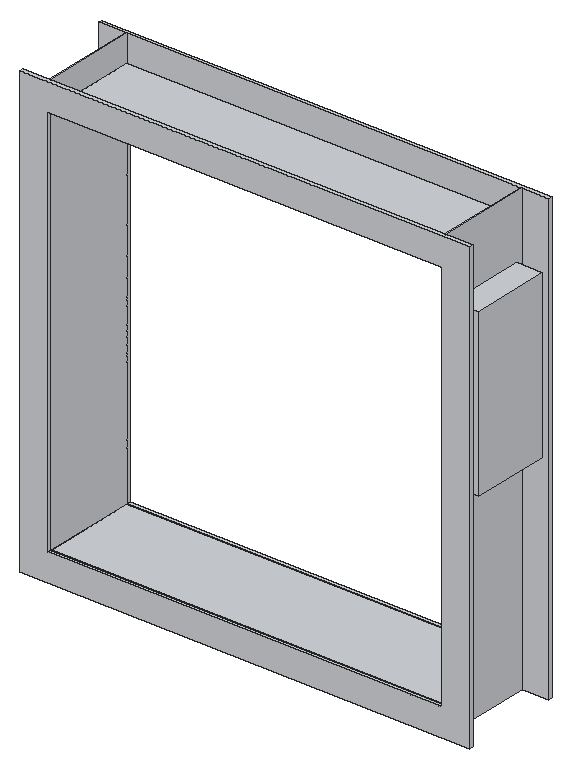
Revit family "MADEL_DAMPER_AIR VOLUME CONTROL_SQR_tarifa", category Accesorios de conductos, Revit 2015
Parameters (values of type "SQR-EH 500x500")
  n_factor = 28.867  # constant formula
  m_factor = 2.16  # constant formula
  c_factor = -6.9395  # constant formula
  b_factor = -0.69  # constant formula
  Vmin = 1.0 m/s  # constant formula
  Vmed = (Vmax + Vmin) / 2  # 4.0 m/s
  Vmax = 7.0 m/s  # constant formula
  V_MO.2 [instance] = if(and(MA, Nº Options = 1), 1 = 1, 1 = 0)  # no
  V_MO.1 [instance] = if(and(MA, Nº Options = 1), 1 = 0, 1 = 1)  # yes
  V[m/s] [instance] = Q / Afree / 1.0 m/s  # 4
  URL = "http://www.madel.com/en/producto/sqr-air-volume-dampers-for-rectangular-ducts-2/"
  Revit Version = "Revit 2015 - English"  # constant formula
  Review Date = "11/2016"  # constant formula
  Q min = Vmin * Afree  # 891.225 m³/h
  Q max = Vmax * Afree  # 6238.58 m³/h
  Q [instance] = 3564.9 m³/h
  Product Type [instance] = Modelo  # "SQR-EH 500x500"
  Product Size = "500x500"
  Product Reference [instance] = if(not(H > L), if(and(MA, Nº Options = 1), "SQR-EH-MA", if(and(MO24V, H < 401.0 mm, L < 2001.0 mm, [5N], Nº Options = 2), "SQR-EH-MO24V-5N", if(and(MO24V, H = 500.0 mm, L < 1401.0 mm, [5N], Nº Options = 2), "SQR-EH-MO24V-5N", if(and(MO24V, H = 600.0 mm, L < 1201.0 mm, [5N], Nº Options = 2), "SQR-EH-MO24V-5N", if(and(MO24V, H = 700.0 mm, L < 1201.0 mm, [5N], Nº Options = 2), "SQR-EH-MO24V-5N", if(and(MO24V, H = 800.0 mm, L < 901.0 mm, [5N], Nº Options = 2), "SQR-EH-MO24V-5N", if(and(MO24V, H = 500.0 mm, L > 1401.0 mm, L < 2001.0 mm, [10N], Nº Options = 2), "SQR-EH-MO24V-10N", if(and(MO24V, H = 600.0 mm, L > 1201.0 mm, L < 2001.0 mm, [10N], Nº Options = 2), "SQR-EH-MO24V-10N", if(and(MO24V, H = 700.0 mm, L > 1201.0 mm, L < 2001.0 mm, [10N], Nº Options = 2), "SQR-EH-MO24V-10N", if(and(MO24V, H = 800.0 mm, L > 899.0 mm, L < 1601.0 mm, [10N], Nº Options = 2), "SQR-EH-MO24V-10N", if(and(MO24V, H = 900.0 mm, L > 799.0 mm, L < 1401.0 mm, [10N], Nº Options = 2), "SQR-EH-MO24V-10N", if(and(MO24V, H = 1000.0 mm, L > 901.0 mm, L < 1401.0 mm, [10N], Nº Options = 2), "SQR-EH-MO24V-10N", if(and(MO24V, H = 800.0 mm, L > 1601.0 mm, L < 2001.0 mm, [15N], Nº Options = 2), "SQR-EH-MO24V-15N", if(and(MO24V, H = 900.0 mm, L > 1401.0 mm, L < 2001.0 mm, [15N], Nº Options = 2), "SQR-EH-MO24V-15N", if(and(MO24V, H = 1000.0 mm, L > 1401.0 mm, L < 2001.0 mm, [15N], Nº Options = 2), "SQR-EH-MO24V-15N", if(and(MO230V, H < 401.0 mm, L < 2001.0 mm, [5N], Nº Options = 2), "SQR-EH-MO230V-5N", if(and(MO230V, H = 500.0 mm, L < 1401.0 mm, [5N], Nº Options = 2), "SQR-EH-MO230V-5N", if(and(MO230V, H = 600.0 mm, L < 1201.0 mm, [5N], Nº Options = 2), "SQR-EH-MO230V-5N", if(and(MO230V, H = 700.0 mm, L < 1201.0 mm, [5N], Nº Options = 2), "SQR-EH-MO230V-5N", if(and(MO230V, H = 800.0 mm, L < 901.0 mm, [5N], Nº Options = 2), "SQR-EH-MO230V-5N", if(and(MO230V, H = 500.0 mm, L > 1401.0 mm, L < 2001.0 mm, [10N], Nº Options = 2), "SQR-EH-MO230V-10N", if(and(MO230V, H = 600.0 mm, L > 1201.0 mm, L < 2001.0 mm, [10N], Nº Options = 2), "SQR-EH-MO230V-10N", if(and(MO230V, H = 700.0 mm, L > 1201.0 mm, L < 2001.0 mm, [10N], Nº Options = 2), "SQR-EH-MO230V-10N", if(and(MO230V, H = 800.0 mm, L > 899.0 mm, L < 1601.0 mm, [10N], Nº Options = 2), "SQR-EH-MO230V-10N", if(and(MO230V, H = 900.0 mm, L > 799.0 mm, L < 1401.0 mm, [10N], Nº Options = 2), "SQR-EH-MO230V-10N", if(and(MO230V, H = 1000.0 mm, L > 901.0 mm, L < 1401.0 mm, [10N], Nº Options = 2), "SQR-EH-MO230V-10N", if(and(MO230V, H = 800.0 mm, L > 1601.0 mm, L < 2001.0 mm, [15N], Nº Options = 2), "SQR-EH-MO230V-15N", if(and(MO230V, H = 900.0 mm, L > 1401.0 mm, L < 2001.0 mm, [15N], Nº Options = 2), "SQR-EH-MO230V-15N", if(and(MO230V, H = 1000.0 mm, L > 1401.0 mm, L < 2001.0 mm, [15N], Nº Options = 2), "SQR-EH-MO230V-15N", if(Nº Options = 0, "Seleccionar accesorio", "Consult Manufacturer")))))))))))))))))))))))))))))), if(and(MA, Nº Options = 1), "SQR-EV-MA", if(and(MO24V, H < 901.0 mm, L < 801.0 mm, [5N], Nº Options = 2), "SQR-EV-MO24V-5N", if(and(MO24V, H > 901.0 mm, H < 1201.0 mm, L < 701.0 mm, [5N], Nº Options = 2), "SQR-EV-MO24V-5N", if(and(MO24V, H > 999.0 mm, H < 1201.0 mm, L > 799.0 mm, L < 1001.0 mm, [10N], Nº Options = 2), "SQR-EV-MO24V-10N", if(and(MO230V, H < 901.0 mm, L < 801.0 mm, [5N], Nº Options = 2), "SQR-EV-MO230V-5N", if(and(MO230V, H > 901.0 mm, H < 1201.0 mm, L < 701.0 mm, [5N], Nº Options = 2), "SQR-EV-MO230V-5N", if(and(MO230V, H > 999.0 mm, H < 1201.0 mm, L > 799.0 mm, L < 1001.0 mm, [10N], Nº Options = 2), "SQR-EV-MO230V-10N", if(Nº Options = 0, "Seleccionar accesorio", "Consult Manufacturer")))))))))  # "SQR-EH-MO230V-5N"
  Nº Options [instance] = if(MA, 1, 0) + if(MO24V, 1, 0) + if(MO230V, 1, 0) + if([5N], 1, 0) + if([10N], 1, 0) + if([15N], 1, 0)  # 2
  Nº  Blades = if(and(H = 100.0 mm, L < 1351.0 mm), 1, if(and(H = 200.0 mm, L < 1351.0 mm), 2, if(and(H = 300.0 mm, L < 1351.0 mm), 3, if(and(H = 400.0 mm, L < 1351.0 mm), 4, if(and(H = 500.0 mm, L < 1351.0 mm), 5, if(and(H = 600.0 mm, L < 1351.0 mm), 6, if(and(H = 700.0 mm, L < 1351.0 mm), 7, if(and(H = 800.0 mm, L < 1351.0 mm), 8, if(and(H = 900.0 mm, L < 1351.0 mm), 9, if(and(H = 1000.0 mm, L < 1351.0 mm), 10, if(and(H = 1100.0 mm, L < 1351.0 mm), 11, if(and(H = 1200.0 mm, L < 1351.0 mm), 12, if(and(H = 1300.0 mm, L < 1351.0 mm), 13, if(and(H = 1400.0 mm, L < 1351.0 mm), 14, if(and(H = 1500.0 mm, L < 1351.0 mm), 15, if(and(H = 150.0 mm, L < 1351.0 mm), 1, if(and(H = 250.0 mm, L < 1351.0 mm), 2, if(and(H = 350.0 mm, L < 1351.0 mm), 3, if(and(H = 450.0 mm, L < 1351.0 mm), 4, if(and(H = 550.0 mm, L < 1351.0 mm), 5, if(and(H = 650.0 mm, L < 1351.0 mm), 6, if(and(H = 750.0 mm, L < 1351.0 mm), 7, if(and(H = 850.0 mm, L < 1351.0 mm), 8, if(and(H = 950.0 mm, L < 1351.0 mm), 9, if(and(H = 1050.0 mm, L < 1351.0 mm), 10, if(and(H = 1150.0 mm, L < 1351.0 mm), 11, if(and(H = 1250.0 mm, L < 1351.0 mm), 12, if(and(H = 1350.0 mm, L < 1351.0 mm), 13, if(and(H = 1450.0 mm, L < 1351.0 mm), 14, if(and(H = 100.0 mm, L > 1399.0 mm), 2, if(and(H = 200.0 mm, L > 1399.0 mm), 4, if(and(H = 300.0 mm, L > 1399.0 mm), 6, if(and(H = 400.0 mm, L > 1399.0 mm), 8, if(and(H = 500.0 mm, L > 1399.0 mm), 10, if(and(H = 600.0 mm, L > 1399.0 mm), 12, if(and(H = 700.0 mm, L > 1399.0 mm), 14, if(and(H = 800.0 mm, L > 1399.0 mm), 16, if(and(H = 900.0 mm, L > 1399.0 mm), 18, if(and(H = 1000.0 mm, L > 1399.0 mm), 20, if(and(H = 1100.0 mm, L > 1399.0 mm), 22, if(and(H = 1200.0 mm, L > 1399.0 mm), 24, if(and(H = 1300.0 mm, L > 1399.0 mm), 26, if(and(H = 1400.0 mm, L > 1399.0 mm), 28, if(and(H = 1500.0 mm, L > 1399.0 mm), 30, if(and(H = 150.0 mm, L > 1399.0 mm), 2, if(and(H = 250.0 mm, L > 1399.0 mm), 4, if(and(H = 350.0 mm, L > 1399.0 mm), 6, if(and(H = 450.0 mm, L > 1399.0 mm), 8, if(and(H = 550.0 mm, L > 1399.0 mm), 10, if(and(H = 650.0 mm, L > 1399.0 mm), 12, if(and(H = 750.0 mm, L > 1399.0 mm), 14, if(and(H = 850.0 mm, L > 1399.0 mm), 16, if(and(H = 950.0 mm, L > 1399.0 mm), 18, if(and(H = 1050.0 mm, L > 1399.0 mm), 20, if(and(H = 1150.0 mm, L > 1399.0 mm), 22, if(and(H = 1250.0 mm, L > 1399.0 mm), 24, if(and(H = 1350.0 mm, L > 1399.0 mm), 26, if(and(H = 1450.0 mm, L > 1399.0 mm), 28, 0))))))))))))))))))))))))))))))))))))))))))))))))))))))))))  # 5
  Material Damper = none
  Lw (dB(A)) Open Damper [instance] = n_factor * (log([V[m/s]]) / log(2.7183)) + c_factor  # 33.0787
  Keynote = ""
  Modelo = "SQR-EH 500x500"
  MO24V [instance] = no
  MO230V [instance] = yes
  MA [instance] = if(or(MO24V, MO230V), 1 = 0, 1 = 1)  # no
  L = 500.0 mm
  Imagen de tipo = <Ninguno>
  IfcExportType = "IfcDamperType"  # constant formula
  IfcExportAs = "IfcDamperType"  # constant formula
  H = 500.0 mm
  Fabricante = "MADEL"  # constant formula
  Family Version = "1.0"  # constant formula
  Descripción = "MADEL_Air volume dampers for rectangular ducts"  # constant formula
  Comentarios de tipo = "The SQR series damper are designed to be used for altering the flow volume rate and pressure in air-conditioning, ventilation and heating systems. Opposed blades of 100 mm."  # constant formula
  DPt Open Damper [instance] = (10 ^ (log([V[m/s]]) * m_factor + b_factor)) * 1.0 Pa  # 4.07802 Pa
  Created by = "BIMETRICAL"  # constant formula
  BIMETRICAL Category = "Damper"  # constant formula
  BIMETRICAL = "http://www.bimetrical.com"  # constant formula
  Afree = H * L - Nº  Blades * (L - 12.5 mm) * 1.0 mm  # 0.247563 m²
  5N [instance] = if(and(or(MO24V, MO230V), (or(and(H < 401.0 mm, L < 2001.0 mm), and(H = 500.0 mm, L < 1401.0 mm), and(H = 600.0 mm, L < 1201.0 mm), and(H = 700.0 mm, L < 1201.0 mm), and(H = 800.0 mm, L < 901.0 mm), and(H = 900.0 mm, L < 801.0 mm), and(H = 1000.0 mm, L < 701.0 mm), and(H = 1100.0 mm, L < 701.0 mm), and(H = 1200.0 mm, L < 701.0 mm)))), 1 = 1, 1 = 0)  # yes
  15N [instance] = if(and(or(MO24V, MO230V), (or(and(H = 800.0 mm, L > 1701.0 mm, L < 2001.0 mm), and(H = 900.0 mm, L > 1501.0 mm, L < 2001.0 mm), and(H = 1000.0 mm, L > 1401.0 mm, L < 2001.0 mm)))), 1 = 1, 1 = 0)  # no
  10N [instance] = if(and(or(MO24V, MO230V), (or(and(H = 500.0 mm, L > 1401.0 mm, L < 2001.0 mm), and(H = 600.0 mm, L > 1201.0 mm, L < 2001.0 mm), and(H = 700.0 mm, L > 1201.0 mm, L < 2001.0 mm), and(H = 800.0 mm, L > 901.0 mm, L < 1601.0 mm), and(H = 900.0 mm, L > 801.0 mm, L < 1401.0 mm), and(H = 1000.0 mm, L > 701.0 mm, L < 1401.0 mm), and(H = 1100.0 mm, L > 701.0 mm, L < 1401.0 mm), and(H = 1200.0 mm, L > 701.0 mm, L < 1001.0 mm)))), 1 = 1, 1 = 0)  # no
Reference planes
  plane 1 "0": z = 0
  plane 2 "Centro (Frontal/Posterior)": y = 245
  plane 3 "Centro (Izquierda/Derecha)": x = 0
  plane 4: x = -285
  plane 5: z = 285
  plane 6: x = -250
  plane 7: z = 250
  plane 8: z = -285
  plane 9: z = -250
  plane 10: x = 285
  plane 11: x = 250
  plane 12: y = 180
  plane 13: y = 185
  plane 14: y = 310
  plane 15: y = 305
  plane 16: z = -270
  plane 17: z = 270
  plane 18: x = 251.2
  plane 19: x = 300
  plane 20: x = 306
  plane 21: y = 195
  plane 22: y = 295
  plane 23: z = 100
Forms (mm)
  Extrusion 1, solid, material <- "Material Damper"
    sketch origin (0, 245, 5) x (1, 0, 0) y (0, 0, 1)
      loop
        line (-285, 280) -> (-285, -290) -> (285, -290) -> (285, 280) -> (-285, 280)
      loop
        line (-250, 245) -> (-250, -255) -> (250, -255) -> (250, 245) -> (-250, 245)
    from 60 to 65
  Extrusion 2, solid, material <- "Material Damper"
    sketch origin (0, 350, 5) x (1, 0, 0) y (0, 0, 1)
      loop
        line (-285, 280) -> (-285, -290) -> (285, -290) -> (285, 280) -> (-285, 280)
      loop
        line (-250, 245) -> (-250, -255) -> (250, -255) -> (250, 245) -> (-250, 245)
    from 40 to 45
  Extrusion 3, solid, material <- "Material Damper"
    sketch origin (0, 245, 5) x (1, 0, 0) y (0, 0, 1)
      loop
        line (-250, 245) -> (-250, -255) -> (250, -255) -> (250, 245) -> (-250, 245)
      loop
        line (-251.2, 280) -> (-251.2, -290) -> (-250, -290) -> (-250, -256.2) -> (250, -256.2) -> (250, -290) -> (251.2, -290) -> (251.2, 280) -> (250, 280) -> (250, 246.2) -> (-250, 246.2) -> (-250, 280) -> (-251.2, 280)
    from -60 to 60
  Extrusion 4, solid, visible <- "V_MO.1"
    sketch origin (0, 245, 5) x (1, 0, 0) y (0, 0, 1)
      loop
        line (251.2, 200) -> (251.2, -10) -> (285, -10) -> (285, 200) -> (251.2, 200)
    from -50 to 50
  Extrusion 5, solid, visible <- "V_MO.2"
    sketch origin (0, 0, 308.646) x (0, 1, 0) y (0, 0, 1)
      loop
        arc (232.5, -221.8) -> (245, -225.946) -> (257.5, -221.8) r 20.916
        line (257.5, -221.8) -> (257.5, -91.8)
        arc (257.5, -91.8) -> (245, -87.653) -> (232.5, -91.8) r 20.916
        line (232.5, -91.8) -> (232.5, -221.8)
      loop
        circle (245, -121.553) r 6
    from 300 to 306
  Extrusion 6, solid, visible <- "V_MO.2"
    sketch origin (0, 0, 0) x (0, 1, 0) y (0, 0, 1)
      loop
        circle (245, 100) r 5
      loop
        circle (245, 150) r 3
    from 251.2 to 306
Dimensions and locks
  equal spacing: plane 7, plane 1 "0", plane 9
  "H": plane 7 to plane 9
  equal spacing: plane 11, plane 3 "Centro (Izquierda/Derecha)", plane 6
  "L": plane 11 to plane 6
  locked: plane 6 to plane 4 at 35
  locked: plane 11 to plane 10 at 35
  locked: plane 5 to plane 7 at 35
  locked: plane 9 to plane 8 at 35
  equal spacing: plane 13, plane 2 "Centro (Frontal/Posterior)", plane 15
  plane 13 to plane 15 = 120.0 mm
  plane 12 to plane 13 = 5.0 mm
  plane 15 to plane 14 = 5.0 mm
  locked: plane 8 to plane 16 at 15
  locked: plane 5 to plane 17 at 15
  locked: Extrusion 3 sketch curve to plane 7 at 1.2
  locked: plane 11 to Extrusion 3 sketch curve at 1.2
  locked: plane 9 to Extrusion 3 sketch curve at 1.2
  locked: plane 6 to Extrusion 3 sketch curve at 1.2
  locked: plane 11 to plane 18 at 1.2
  locked: plane 19 to plane 20 at 6
  locked: plane 10 to plane 19 at 15
  locked: Extrusion 5 sketch curve to Extrusion 5 sketch curve at 25
  locked: plane 5 to Extrusion 6 sketch curve at 185
  locked: Extrusion 6 sketch curve to Extrusion 6 sketch curve at 50
  Extrusion 5 sketch curve to Extrusion 5 sketch curve to Extrusion 5 sketch curve = 29.754 mm locked, 100.246 mm locked
  plane 5 to Extrusion 5 sketch curve = 97.908 mm
  equal spacing: plane 22, plane 2 "Centro (Frontal/Posterior)", plane 21
  plane 22 to plane 21 = 100.0 mm
  locked: plane 5 to plane 23 at 185
  equal spacing: Extrusion 4 sketch curve, plane 23, Extrusion 4 sketch curve
  Extrusion 4 sketch curve to Extrusion 4 sketch curve = 210.0 mm
  aligned and locked: Extrusion 1 sketch curve to plane 5
  aligned and locked: plane 4 to Extrusion 1 sketch curve
  aligned and locked: Extrusion 1 sketch curve to plane 8
  aligned and locked: plane 10 to Extrusion 1 sketch curve
  aligned and locked: Extrusion 1 to plane 12
  aligned and locked: plane 13 to Extrusion 1
  aligned and locked: Extrusion 2 to plane 14
  aligned and locked: plane 15 to Extrusion 2
  aligned and locked: plane 4 to Extrusion 2 sketch curve
  aligned and locked: Extrusion 2 sketch curve to plane 5
  aligned and locked: plane 10 to Extrusion 2 sketch curve
  aligned and locked: Extrusion 2 sketch curve to plane 8
  aligned and locked: Extrusion 3 sketch curve to plane 7
  aligned and locked: plane 11 to Extrusion 3 sketch curve
  aligned and locked: plane 6 to Extrusion 3 sketch curve
  aligned and locked: Extrusion 3 sketch curve to plane 9
  aligned and locked: Extrusion 3 to plane 13
  aligned and locked: Extrusion 3 to plane 15
  aligned and locked: Extrusion 4 sketch curve to plane 18
  aligned and locked: plane 10 to Extrusion 4 sketch curve
  aligned and locked: Extrusion 3 sketch curve to plane 5
  aligned and locked: plane 5 to Extrusion 3 sketch curve
  aligned and locked: Extrusion 3 sketch curve to plane 8
  aligned and locked: plane 8 to Extrusion 3 sketch curve
  aligned and locked: Extrusion 5 to plane 20
  aligned and locked: plane 19 to Extrusion 5
  aligned and locked: Extrusion 6 to plane 20
  aligned and locked: Extrusion 4 to plane 22
  aligned and locked: Extrusion 4 to plane 21
  aligned and locked: Extrusion 1 sketch curve to plane 7
  aligned and locked: plane 11 to Extrusion 1 sketch curve
  aligned and locked: Extrusion 1 sketch curve to plane 9
  aligned and locked: plane 6 to Extrusion 1 sketch curve
  aligned and locked: Extrusion 2 sketch curve to plane 7
  aligned and locked: plane 11 to Extrusion 2 sketch curve
  aligned and locked: Extrusion 2 sketch curve to plane 9
  aligned and locked: plane 6 to Extrusion 2 sketch curve
  aligned and locked: plane 18 to Extrusion 6
Automatic sketch dimensions
  Extrusion 3 sketch curve to plane 6 = 0.0 mm  (x2)
  plane 11 to Extrusion 3 sketch curve = 0.0 mm  (x2)
  Extrusion 6 sketch curve to plane 2 "Centro (Frontal/Posterior)" = 0.0 mm  (x2)
  Extrusion 5 sketch curve to plane 2 "Centro (Frontal/Posterior)" = 0.0 mm  (x3)
  Extrusion 5 sketch curve to Extrusion 5 sketch curve = 12.984 mm
  Extrusion 5 sketch curve to Extrusion 5 sketch curve = 0.0 mm
  Extrusion 5 sketch curve to Extrusion 5 sketch curve = 16.769 mm
  Extrusion 5 sketch curve to plane 7 = 163.154 mm
  radius of Extrusion 6 sketch curve = 5.0 mm
  radius of Extrusion 6 sketch curve = 3.0 mm
  radius of Extrusion 5 sketch curve = 6.0 mm
Connectors
  hvac at (0, 310, 0), driven by "H", driven by "L", driven by "Q"
    settings: on Extrusion 2, index 1, duct flow 3564.9 m³/h, flow factor 0, pres drop 0.0 Pa, loss coef 0, conn angle 0.00°, conn width 500 mm, conn height 500 mm, conn diameter 609.6 mm, duct sys type 29, conn prof type 1, flow config 0, flow direction 0, loss method 4, conn ref index -1, conn util no, is conn primary yes, conn desc ""
  hvac at (0, 180, 0), driven by "H", driven by "L", driven by "Q", driven by "DPt Open Damper"
    settings: on Extrusion 1, index 2, duct flow 3564.9 m³/h, flow factor 0, pres drop 4.07802 Pa, loss coef 0, conn angle 0.00°, conn width 500 mm, conn height 500 mm, conn diameter 609.6 mm, duct sys type 29, conn prof type 1, flow config 0, flow direction 0, loss method 4, conn ref index -1, conn util no, is conn primary no, conn desc ""
Types (230, lengths in mm): name | V[m/s] | Q min | Q max | Q | Product Type | Product Size | Product Reference | Nº Options | Nº  Blades | Lw (dB(A)) Open Damper | Modelo | L | H | DPt Open Damper | Afree | 5N | 15N | 10N
  SQR-EH 2000x1000 | 4 | 7056.9 m³/h | 49398.3 m³/h | 28227.6 m³/h | "SQR-EH 2000x1000" | "2000x1000" | "SQR-EH-MO230V-15N" | 2 | 20 | 33.0787 | "SQR-EH 2000x1000" | 2000.0 | 1000.0 | 4.07802 Pa | 1.96025 m² | no | yes | no
  SQR-EH 2000x900 | 4 | 6351.21 m³/h | 44458.5 m³/h | 25404.8 m³/h | "SQR-EH 2000x900" | "2000x900" | "SQR-EH-MO230V-15N" | 2 | 18 | 33.0787 | "SQR-EH 2000x900" | 2000.0 | 900.0 | 4.07802 Pa | 1.76423 m² | no | yes | no
  SQR-EH 2000x800 | 4 | 5645.52 m³/h | 39518.6 m³/h | 22582.1 m³/h | "SQR-EH 2000x800" | "2000x800" | "SQR-EH-MO230V-15N" | 2 | 16 | 33.0787 | "SQR-EH 2000x800" | 2000.0 | 800.0 | 4.07802 Pa | 1.5682 m² | no | yes | no
  SQR-EH 2000x700 | 4 | 4939.83 m³/h | 34578.8 m³/h | 19759.3 m³/h | "SQR-EH 2000x700" | "2000x700" | "SQR-EH-MO230V-10N" | 2 | 14 | 33.0787 | "SQR-EH 2000x700" | 2000.0 | 700.0 | 4.07802 Pa | 1.37218 m² | no | no | yes
  SQR-EH 2000x600 | 4 | 4234.14 m³/h | 29639 m³/h | 16936.6 m³/h | "SQR-EH 2000x600" | "2000x600" | "SQR-EH-MO230V-10N" | 2 | 12 | 33.0787 | "SQR-EH 2000x600" | 2000.0 | 600.0 | 4.07802 Pa | 1.17615 m² | no | no | yes
  SQR-EH 2000x500 | 4 | 3528.45 m³/h | 24699.2 m³/h | 14113.8 m³/h | "SQR-EH 2000x500" | "2000x500" | "SQR-EH-MO230V-10N" | 2 | 10 | 33.0787 | "SQR-EH 2000x500" | 2000.0 | 500.0 | 4.07802 Pa | 0.980125 m² | no | no | yes
  SQR-EH 2000x400 | 4 | 2822.76 m³/h | 19759.3 m³/h | 11291 m³/h | "SQR-EH 2000x400" | "2000x400" | "SQR-EH-MO230V-5N" | 2 | 8 | 33.0787 | "SQR-EH 2000x400" | 2000.0 | 400.0 | 4.07802 Pa | 0.7841 m² | yes | no | no
  SQR-EH 2000x300 | 4 | 2117.07 m³/h | 14819.5 m³/h | 8468.28 m³/h | "SQR-EH 2000x300" | "2000x300" | "SQR-EH-MO230V-5N" | 2 | 6 | 33.0787 | "SQR-EH 2000x300" | 2000.0 | 300.0 | 4.07802 Pa | 0.588075 m² | yes | no | no
  SQR-EH 2000x250 | 4 | 1771.38 m³/h | 12399.7 m³/h | 7085.52 m³/h | "SQR-EH 2000x250" | "2000x250" | "SQR-EH-MO230V-5N" | 2 | 4 | 33.0787 | "SQR-EH 2000x250" | 2000.0 | 250.0 | 4.07802 Pa | 0.49205 m² | yes | no | no
  SQR-EH 2000x200 | 4 | 1411.38 m³/h | 9879.66 m³/h | 5645.52 m³/h | "SQR-EH 2000x200" | "2000x200" | "SQR-EH-MO230V-5N" | 2 | 4 | 33.0787 | "SQR-EH 2000x200" | 2000.0 | 200.0 | 4.07802 Pa | 0.39205 m² | yes | no | no
  SQR-EH 2000x150 | 4 | 1065.69 m³/h | 7459.83 m³/h | 4262.76 m³/h | "SQR-EH 2000x150" | "2000x150" | "SQR-EH-MO230V-5N" | 2 | 2 | 33.0787 | "SQR-EH 2000x150" | 2000.0 | 150.0 | 4.07802 Pa | 0.296025 m² | yes | no | no
  SQR-EH 2000x100 | 4 | 705.69 m³/h | 4939.83 m³/h | 2822.76 m³/h | "SQR-EH 2000x100" | "2000x100" | "SQR-EH-MO230V-5N" | 2 | 2 | 33.0787 | "SQR-EH 2000x100" | 2000.0 | 100.0 | 4.07802 Pa | 0.196025 m² | yes | no | no
  SQR-EH 1800x1000 | 4 | 6351.3 m³/h | 44459.1 m³/h | 25405.2 m³/h | "SQR-EH 1800x1000" | "1800x1000" | "SQR-EH-MO230V-15N" | 2 | 20 | 33.0787 | "SQR-EH 1800x1000" | 1800.0 | 1000.0 | 4.07802 Pa | 1.76425 m² | no | yes | no
  SQR-EH 1800x900 | 4 | 5716.17 m³/h | 40013.2 m³/h | 22864.7 m³/h | "SQR-EH 1800x900" | "1800x900" | "SQR-EH-MO230V-15N" | 2 | 18 | 33.0787 | "SQR-EH 1800x900" | 1800.0 | 900.0 | 4.07802 Pa | 1.58783 m² | no | yes | no
  SQR-EH 1800x800 | 4 | 5081.04 m³/h | 35567.3 m³/h | 20324.2 m³/h | "SQR-EH 1800x800" | "1800x800" | "SQR-EH-MO230V-15N" | 2 | 16 | 33.0787 | "SQR-EH 1800x800" | 1800.0 | 800.0 | 4.07802 Pa | 1.4114 m² | no | yes | no
  SQR-EH 1800x700 | 4 | 4445.91 m³/h | 31121.4 m³/h | 17783.6 m³/h | "SQR-EH 1800x700" | "1800x700" | "SQR-EH-MO230V-10N" | 2 | 14 | 33.0787 | "SQR-EH 1800x700" | 1800.0 | 700.0 | 4.07802 Pa | 1.23498 m² | no | no | yes
  SQR-EH 1800x600 | 4 | 3810.78 m³/h | 26675.5 m³/h | 15243.1 m³/h | "SQR-EH 1800x600" | "1800x600" | "SQR-EH-MO230V-10N" | 2 | 12 | 33.0787 | "SQR-EH 1800x600" | 1800.0 | 600.0 | 4.07802 Pa | 1.05855 m² | no | no | yes
  SQR-EH 1800x500 | 4 | 3175.65 m³/h | 22229.5 m³/h | 12702.6 m³/h | "SQR-EH 1800x500" | "1800x500" | "SQR-EH-MO230V-10N" | 2 | 10 | 33.0787 | "SQR-EH 1800x500" | 1800.0 | 500.0 | 4.07802 Pa | 0.882125 m² | no | no | yes
  SQR-EH 1800x400 | 4 | 2540.52 m³/h | 17783.6 m³/h | 10162.1 m³/h | "SQR-EH 1800x400" | "1800x400" | "SQR-EH-MO230V-5N" | 2 | 8 | 33.0787 | "SQR-EH 1800x400" | 1800.0 | 400.0 | 4.07802 Pa | 0.7057 m² | yes | no | no
  SQR-EH 1800x300 | 4 | 1905.39 m³/h | 13337.7 m³/h | 7621.56 m³/h | "SQR-EH 1800x300" | "1800x300" | "SQR-EH-MO230V-5N" | 2 | 6 | 33.0787 | "SQR-EH 1800x300" | 1800.0 | 300.0 | 4.07802 Pa | 0.529275 m² | yes | no | no
  SQR-EH 1800x250 | 4 | 1594.26 m³/h | 11159.8 m³/h | 6377.04 m³/h | "SQR-EH 1800x250" | "1800x250" | "SQR-EH-MO230V-5N" | 2 | 4 | 33.0787 | "SQR-EH 1800x250" | 1800.0 | 250.0 | 4.07802 Pa | 0.44285 m² | yes | no | no
  SQR-EH 1800x200 | 4 | 1270.26 m³/h | 8891.82 m³/h | 5081.04 m³/h | "SQR-EH 1800x200" | "1800x200" | "SQR-EH-MO230V-5N" | 2 | 4 | 33.0787 | "SQR-EH 1800x200" | 1800.0 | 200.0 | 4.07802 Pa | 0.35285 m² | yes | no | no
  SQR-EH 1800x150 | 4 | 959.13 m³/h | 6713.91 m³/h | 3836.52 m³/h | "SQR-EH 1800x150" | "1800x150" | "SQR-EH-MO230V-5N" | 2 | 2 | 33.0787 | "SQR-EH 1800x150" | 1800.0 | 150.0 | 4.07802 Pa | 0.266425 m² | yes | no | no
  SQR-EH 1800x100 | 4 | 635.13 m³/h | 4445.91 m³/h | 2540.52 m³/h | "SQR-EH 1800x100" | "1800x100" | "SQR-EH-MO230V-5N" | 2 | 2 | 33.0787 | "SQR-EH 1800x100" | 1800.0 | 100.0 | 4.07802 Pa | 0.176425 m² | yes | no | no
  SQR-EH 1600x1000 | 4 | 5645.7 m³/h | 39519.9 m³/h | 22582.8 m³/h | "SQR-EH 1600x1000" | "1600x1000" | "SQR-EH-MO230V-15N" | 2 | 20 | 33.0787 | "SQR-EH 1600x1000" | 1600.0 | 1000.0 | 4.07802 Pa | 1.56825 m² | no | yes | no
  SQR-EH 1600x900 | 4 | 5081.13 m³/h | 35567.9 m³/h | 20324.5 m³/h | "SQR-EH 1600x900" | "1600x900" | "SQR-EH-MO230V-15N" | 2 | 18 | 33.0787 | "SQR-EH 1600x900" | 1600.0 | 900.0 | 4.07802 Pa | 1.41143 m² | no | yes | no
  SQR-EH 1600x800 | 4 | 4516.56 m³/h | 31615.9 m³/h | 18066.2 m³/h | "SQR-EH 1600x800" | "1600x800" | "SQR-EH-MO230V-10N" | 2 | 16 | 33.0787 | "SQR-EH 1600x800" | 1600.0 | 800.0 | 4.07802 Pa | 1.2546 m² | no | no | yes
  SQR-EH 1600x700 | 4 | 3951.99 m³/h | 27663.9 m³/h | 15808 m³/h | "SQR-EH 1600x700" | "1600x700" | "SQR-EH-MO230V-10N" | 2 | 14 | 33.0787 | "SQR-EH 1600x700" | 1600.0 | 700.0 | 4.07802 Pa | 1.09777 m² | no | no | yes
  SQR-EH 1600x600 | 4 | 3387.42 m³/h | 23711.9 m³/h | 13549.7 m³/h | "SQR-EH 1600x600" | "1600x600" | "SQR-EH-MO230V-10N" | 2 | 12 | 33.0787 | "SQR-EH 1600x600" | 1600.0 | 600.0 | 4.07802 Pa | 0.94095 m² | no | no | yes
  SQR-EH 1600x500 | 4 | 2822.85 m³/h | 19760 m³/h | 11291.4 m³/h | "SQR-EH 1600x500" | "1600x500" | "SQR-EH-MO230V-10N" | 2 | 10 | 33.0787 | "SQR-EH 1600x500" | 1600.0 | 500.0 | 4.07802 Pa | 0.784125 m² | no | no | yes
  SQR-EH 1600x400 | 4 | 2258.28 m³/h | 15808 m³/h | 9033.12 m³/h | "SQR-EH 1600x400" | "1600x400" | "SQR-EH-MO230V-5N" | 2 | 8 | 33.0787 | "SQR-EH 1600x400" | 1600.0 | 400.0 | 4.07802 Pa | 0.6273 m² | yes | no | no
  SQR-EH 1600x300 | 4 | 1693.71 m³/h | 11856 m³/h | 6774.84 m³/h | "SQR-EH 1600x300" | "1600x300" | "SQR-EH-MO230V-5N" | 2 | 6 | 33.0787 | "SQR-EH 1600x300" | 1600.0 | 300.0 | 4.07802 Pa | 0.470475 m² | yes | no | no
  SQR-EH 1600x250 | 4 | 1417.14 m³/h | 9919.98 m³/h | 5668.56 m³/h | "SQR-EH 1600x250" | "1600x250" | "SQR-EH-MO230V-5N" | 2 | 4 | 33.0787 | "SQR-EH 1600x250" | 1600.0 | 250.0 | 4.07802 Pa | 0.39365 m² | yes | no | no
  SQR-EH 1600x200 | 4 | 1129.14 m³/h | 7903.98 m³/h | 4516.56 m³/h | "SQR-EH 1600x200" | "1600x200" | "SQR-EH-MO230V-5N" | 2 | 4 | 33.0787 | "SQR-EH 1600x200" | 1600.0 | 200.0 | 4.07802 Pa | 0.31365 m² | yes | no | no
  SQR-EH 1600x150 | 4 | 852.57 m³/h | 5967.99 m³/h | 3410.28 m³/h | "SQR-EH 1600x150" | "1600x150" | "SQR-EH-MO230V-5N" | 2 | 2 | 33.0787 | "SQR-EH 1600x150" | 1600.0 | 150.0 | 4.07802 Pa | 0.236825 m² | yes | no | no
  SQR-EH 1600x100 | 4 | 564.57 m³/h | 3951.99 m³/h | 2258.28 m³/h | "SQR-EH 1600x100" | "1600x100" | "SQR-EH-MO230V-5N" | 2 | 2 | 33.0787 | "SQR-EH 1600x100" | 1600.0 | 100.0 | 4.07802 Pa | 0.156825 m² | yes | no | no
  SQR-EH 1400x1000 | 4 | 4940.1 m³/h | 34580.7 m³/h | 19760.4 m³/h | "SQR-EH 1400x1000" | "1400x1000" | "SQR-EH-MO230V-10N" | 2 | 20 | 33.0787 | "SQR-EH 1400x1000" | 1400.0 | 1000.0 | 4.07802 Pa | 1.37225 m² | no | no | yes
  SQR-EH 1400x900 | 4 | 4446.09 m³/h | 31122.6 m³/h | 17784.4 m³/h | "SQR-EH 1400x900" | "1400x900" | "SQR-EH-MO230V-10N" | 2 | 18 | 33.0787 | "SQR-EH 1400x900" | 1400.0 | 900.0 | 4.07802 Pa | 1.23503 m² | no | no | yes
  SQR-EH 1400x800 | 4 | 3952.08 m³/h | 27664.6 m³/h | 15808.3 m³/h | "SQR-EH 1400x800" | "1400x800" | "SQR-EH-MO230V-10N" | 2 | 16 | 33.0787 | "SQR-EH 1400x800" | 1400.0 | 800.0 | 4.07802 Pa | 1.0978 m² | no | no | yes
  SQR-EH 1400x700 | 4 | 3458.07 m³/h | 24206.5 m³/h | 13832.3 m³/h | "SQR-EH 1400x700" | "1400x700" | "SQR-EH-MO230V-10N" | 2 | 14 | 33.0787 | "SQR-EH 1400x700" | 1400.0 | 700.0 | 4.07802 Pa | 0.960575 m² | no | no | yes
  SQR-EH 1400x600 | 4 | 2964.06 m³/h | 20748.4 m³/h | 11856.2 m³/h | "SQR-EH 1400x600" | "1400x600" | "SQR-EH-MO230V-10N" | 2 | 12 | 33.0787 | "SQR-EH 1400x600" | 1400.0 | 600.0 | 4.07802 Pa | 0.82335 m² | no | no | yes
  SQR-EH 1400x500 | 4 | 2470.05 m³/h | 17290.4 m³/h | 9880.2 m³/h | "SQR-EH 1400x500" | "1400x500" | "SQR-EH-MO230V-5N" | 2 | 10 | 33.0787 | "SQR-EH 1400x500" | 1400.0 | 500.0 | 4.07802 Pa | 0.686125 m² | yes | no | no
  SQR-EH 1400x400 | 4 | 1976.04 m³/h | 13832.3 m³/h | 7904.16 m³/h | "SQR-EH 1400x400" | "1400x400" | "SQR-EH-MO230V-5N" | 2 | 8 | 33.0787 | "SQR-EH 1400x400" | 1400.0 | 400.0 | 4.07802 Pa | 0.5489 m² | yes | no | no
  SQR-EH 1400x300 | 4 | 1482.03 m³/h | 10374.2 m³/h | 5928.12 m³/h | "SQR-EH 1400x300" | "1400x300" | "SQR-EH-MO230V-5N" | 2 | 6 | 33.0787 | "SQR-EH 1400x300" | 1400.0 | 300.0 | 4.07802 Pa | 0.411675 m² | yes | no | no
  SQR-EH 1400x250 | 4 | 1240.02 m³/h | 8680.14 m³/h | 4960.08 m³/h | "SQR-EH 1400x250" | "1400x250" | "SQR-EH-MO230V-5N" | 2 | 4 | 33.0787 | "SQR-EH 1400x250" | 1400.0 | 250.0 | 4.07802 Pa | 0.34445 m² | yes | no | no
  SQR-EH 1400x200 | 4 | 988.02 m³/h | 6916.14 m³/h | 3952.08 m³/h | "SQR-EH 1400x200" | "1400x200" | "SQR-EH-MO230V-5N" | 2 | 4 | 33.0787 | "SQR-EH 1400x200" | 1400.0 | 200.0 | 4.07802 Pa | 0.27445 m² | yes | no | no
  SQR-EH 1400x150 | 4 | 746.01 m³/h | 5222.07 m³/h | 2984.04 m³/h | "SQR-EH 1400x150" | "1400x150" | "SQR-EH-MO230V-5N" | 2 | 2 | 33.0787 | "SQR-EH 1400x150" | 1400.0 | 150.0 | 4.07802 Pa | 0.207225 m² | yes | no | no
  SQR-EH 1400x100 | 4 | 494.01 m³/h | 3458.07 m³/h | 1976.04 m³/h | "SQR-EH 1400x100" | "1400x100" | "SQR-EH-MO230V-5N" | 2 | 2 | 33.0787 | "SQR-EH 1400x100" | 1400.0 | 100.0 | 4.07802 Pa | 0.137225 m² | yes | no | no
  SQR-EH 1200x1000 | 4 | 4277.25 m³/h | 29940.8 m³/h | 17109 m³/h | "SQR-EH 1200x1000" | "1200x1000" | "SQR-EH-MO230V-10N" | 2 | 10 | 33.0787 | "SQR-EH 1200x1000" | 1200.0 | 1000.0 | 4.07802 Pa | 1.18813 m² | no | no | yes
  SQR-EH 1200x900 | 4 | 3849.53 m³/h | 26946.7 m³/h | 15398.1 m³/h | "SQR-EH 1200x900" | "1200x900" | "SQR-EH-MO230V-10N" | 2 | 9 | 33.0787 | "SQR-EH 1200x900" | 1200.0 | 900.0 | 4.07802 Pa | 1.06931 m² | no | no | yes
  SQR-EH 1200x800 | 4 | 3421.8 m³/h | 23952.6 m³/h | 13687.2 m³/h | "SQR-EH 1200x800" | "1200x800" | "SQR-EH-MO230V-10N" | 2 | 8 | 33.0787 | "SQR-EH 1200x800" | 1200.0 | 800.0 | 4.07802 Pa | 0.9505 m² | no | no | yes
  SQR-EH 1200x700 | 4 | 2994.07 m³/h | 20958.5 m³/h | 11976.3 m³/h | "SQR-EH 1200x700" | "1200x700" | "SQR-EH-MO230V-5N" | 2 | 7 | 33.0787 | "SQR-EH 1200x700" | 1200.0 | 700.0 | 4.07802 Pa | 0.831688 m² | yes | no | no
  SQR-EH 1200x600 | 4 | 2566.35 m³/h | 17964.5 m³/h | 10265.4 m³/h | "SQR-EH 1200x600" | "1200x600" | "SQR-EH-MO230V-5N" | 2 | 6 | 33.0787 | "SQR-EH 1200x600" | 1200.0 | 600.0 | 4.07802 Pa | 0.712875 m² | yes | no | no
  SQR-EH 1200x500 | 4 | 2138.63 m³/h | 14970.4 m³/h | 8554.5 m³/h | "SQR-EH 1200x500" | "1200x500" | "SQR-EH-MO230V-5N" | 2 | 5 | 33.0787 | "SQR-EH 1200x500" | 1200.0 | 500.0 | 4.07802 Pa | 0.594063 m² | yes | no | no
  SQR-EH 1200x400 | 4 | 1710.9 m³/h | 11976.3 m³/h | 6843.6 m³/h | "SQR-EH 1200x400" | "1200x400" | "SQR-EH-MO230V-5N" | 2 | 4 | 33.0787 | "SQR-EH 1200x400" | 1200.0 | 400.0 | 4.07802 Pa | 0.47525 m² | yes | no | no
  SQR-EH 1200x300 | 4 | 1283.18 m³/h | 8982.23 m³/h | 5132.7 m³/h | "SQR-EH 1200x300" | "1200x300" | "SQR-EH-MO230V-5N" | 2 | 3 | 33.0787 | "SQR-EH 1200x300" | 1200.0 | 300.0 | 4.07802 Pa | 0.356438 m² | yes | no | no
  SQR-EH 1200x250 | 4 | 1071.45 m³/h | 7500.15 m³/h | 4285.8 m³/h | "SQR-EH 1200x250" | "1200x250" | "SQR-EH-MO230V-5N" | 2 | 2 | 33.0787 | "SQR-EH 1200x250" | 1200.0 | 250.0 | 4.07802 Pa | 0.297625 m² | yes | no | no
  SQR-EH 1200x200 | 4 | 855.45 m³/h | 5988.15 m³/h | 3421.8 m³/h | "SQR-EH 1200x200" | "1200x200" | "SQR-EH-MO230V-5N" | 2 | 2 | 33.0787 | "SQR-EH 1200x200" | 1200.0 | 200.0 | 4.07802 Pa | 0.237625 m² | yes | no | no
  SQR-EH 1200x150 | 4 | 643.725 m³/h | 4506.08 m³/h | 2574.9 m³/h | "SQR-EH 1200x150" | "1200x150" | "SQR-EH-MO230V-5N" | 2 | 1 | 33.0787 | "SQR-EH 1200x150" | 1200.0 | 150.0 | 4.07802 Pa | 0.178813 m² | yes | no | no
  SQR-EH 1200x100 | 4 | 427.725 m³/h | 2994.08 m³/h | 1710.9 m³/h | "SQR-EH 1200x100" | "1200x100" | "SQR-EH-MO230V-5N" | 2 | 1 | 33.0787 | "SQR-EH 1200x100" | 1200.0 | 100.0 | 4.07802 Pa | 0.118813 m² | yes | no | no
  SQR-EH 1100x1000 | 4 | 3920.85 m³/h | 27446 m³/h | 15683.4 m³/h | "SQR-EH 1100x1000" | "1100x1000" | "SQR-EH-MO230V-10N" | 2 | 10 | 33.0787 | "SQR-EH 1100x1000" | 1100.0 | 1000.0 | 4.07802 Pa | 1.08913 m² | no | no | yes
  SQR-EH 1100x900 | 4 | 3528.77 m³/h | 24701.4 m³/h | 14115.1 m³/h | "SQR-EH 1100x900" | "1100x900" | "SQR-EH-MO230V-10N" | 2 | 9 | 33.0787 | "SQR-EH 1100x900" | 1100.0 | 900.0 | 4.07802 Pa | 0.980213 m² | no | no | yes
  SQR-EH 1100x800 | 4 | 3136.68 m³/h | 21956.8 m³/h | 12546.7 m³/h | "SQR-EH 1100x800" | "1100x800" | "SQR-EH-MO230V-10N" | 2 | 8 | 33.0787 | "SQR-EH 1100x800" | 1100.0 | 800.0 | 4.07802 Pa | 0.8713 m² | no | no | yes
  SQR-EH 1100x700 | 4 | 2744.59 m³/h | 19212.2 m³/h | 10978.4 m³/h | "SQR-EH 1100x700" | "1100x700" | "SQR-EH-MO230V-5N" | 2 | 7 | 33.0787 | "SQR-EH 1100x700" | 1100.0 | 700.0 | 4.07802 Pa | 0.762387 m² | yes | no | no
  SQR-EH 1100x600 | 4 | 2352.51 m³/h | 16467.6 m³/h | 9410.04 m³/h | "SQR-EH 1100x600" | "1100x600" | "SQR-EH-MO230V-5N" | 2 | 6 | 33.0787 | "SQR-EH 1100x600" | 1100.0 | 600.0 | 4.07802 Pa | 0.653475 m² | yes | no | no
  SQR-EH 1100x500 | 4 | 1960.43 m³/h | 13723 m³/h | 7841.7 m³/h | "SQR-EH 1100x500" | "1100x500" | "SQR-EH-MO230V-5N" | 2 | 5 | 33.0787 | "SQR-EH 1100x500" | 1100.0 | 500.0 | 4.07802 Pa | 0.544563 m² | yes | no | no
  SQR-EH 1100x400 | 4 | 1568.34 m³/h | 10978.4 m³/h | 6273.36 m³/h | "SQR-EH 1100x400" | "1100x400" | "SQR-EH-MO230V-5N" | 2 | 4 | 33.0787 | "SQR-EH 1100x400" | 1100.0 | 400.0 | 4.07802 Pa | 0.43565 m² | yes | no | no
  SQR-EH 1100x300 | 4 | 1176.26 m³/h | 8233.79 m³/h | 4705.02 m³/h | "SQR-EH 1100x300" | "1100x300" | "SQR-EH-MO230V-5N" | 2 | 3 | 33.0787 | "SQR-EH 1100x300" | 1100.0 | 300.0 | 4.07802 Pa | 0.326738 m² | yes | no | no
  SQR-EH 1100x250 | 4 | 982.17 m³/h | 6875.19 m³/h | 3928.68 m³/h | "SQR-EH 1100x250" | "1100x250" | "SQR-EH-MO230V-5N" | 2 | 2 | 33.0787 | "SQR-EH 1100x250" | 1100.0 | 250.0 | 4.07802 Pa | 0.272825 m² | yes | no | no
  SQR-EH 1100x200 | 4 | 784.17 m³/h | 5489.19 m³/h | 3136.68 m³/h | "SQR-EH 1100x200" | "1100x200" | "SQR-EH-MO230V-5N" | 2 | 2 | 33.0787 | "SQR-EH 1100x200" | 1100.0 | 200.0 | 4.07802 Pa | 0.217825 m² | yes | no | no
  SQR-EH 1100x150 | 4 | 590.085 m³/h | 4130.6 m³/h | 2360.34 m³/h | "SQR-EH 1100x150" | "1100x150" | "SQR-EH-MO230V-5N" | 2 | 1 | 33.0787 | "SQR-EH 1100x150" | 1100.0 | 150.0 | 4.07802 Pa | 0.163913 m² | yes | no | no
  SQR-EH 1100x100 | 4 | 392.085 m³/h | 2744.6 m³/h | 1568.34 m³/h | "SQR-EH 1100x100" | "1100x100" | "SQR-EH-MO230V-5N" | 2 | 1 | 33.0787 | "SQR-EH 1100x100" | 1100.0 | 100.0 | 4.07802 Pa | 0.108913 m² | yes | no | no
  SQR-EH 1000x1000 | 4 | 3564.45 m³/h | 24951.2 m³/h | 14257.8 m³/h | "SQR-EH 1000x1000" | "1000x1000" | "SQR-EH-MO230V-10N" | 2 | 10 | 33.0787 | "SQR-EH 1000x1000" | 1000.0 | 1000.0 | 4.07802 Pa | 0.990125 m² | no | no | yes
  SQR-EH 1000x900 | 4 | 3208.01 m³/h | 22456 m³/h | 12832 m³/h | "SQR-EH 1000x900" | "1000x900" | "SQR-EH-MO230V-10N" | 2 | 9 | 33.0787 | "SQR-EH 1000x900" | 1000.0 | 900.0 | 4.07802 Pa | 0.891113 m² | no | no | yes
  SQR-EH 1000x800 | 4 | 2851.56 m³/h | 19960.9 m³/h | 11406.2 m³/h | "SQR-EH 1000x800" | "1000x800" | "SQR-EH-MO230V-10N" | 2 | 8 | 33.0787 | "SQR-EH 1000x800" | 1000.0 | 800.0 | 4.07802 Pa | 0.7921 m² | no | no | yes
  SQR-EH 1000x700 | 4 | 2495.12 m³/h | 17465.8 m³/h | 9980.46 m³/h | "SQR-EH 1000x700" | "1000x700" | "SQR-EH-MO230V-5N" | 2 | 7 | 33.0787 | "SQR-EH 1000x700" | 1000.0 | 700.0 | 4.07802 Pa | 0.693088 m² | yes | no | no
  SQR-EH 1000x600 | 4 | 2138.67 m³/h | 14970.7 m³/h | 8554.68 m³/h | "SQR-EH 1000x600" | "1000x600" | "SQR-EH-MO230V-5N" | 2 | 6 | 33.0787 | "SQR-EH 1000x600" | 1000.0 | 600.0 | 4.07802 Pa | 0.594075 m² | yes | no | no
  SQR-EH 1000x500 | 4 | 1782.23 m³/h | 12475.6 m³/h | 7128.9 m³/h | "SQR-EH 1000x500" | "1000x500" | "SQR-EH-MO230V-5N" | 2 | 5 | 33.0787 | "SQR-EH 1000x500" | 1000.0 | 500.0 | 4.07802 Pa | 0.495063 m² | yes | no | no
  SQR-EH 1000x400 | 4 | 1425.78 m³/h | 9980.46 m³/h | 5703.12 m³/h | "SQR-EH 1000x400" | "1000x400" | "SQR-EH-MO230V-5N" | 2 | 4 | 33.0787 | "SQR-EH 1000x400" | 1000.0 | 400.0 | 4.07802 Pa | 0.39605 m² | yes | no | no
  SQR-EH 1000x300 | 4 | 1069.34 m³/h | 7485.35 m³/h | 4277.34 m³/h | "SQR-EH 1000x300" | "1000x300" | "SQR-EH-MO230V-5N" | 2 | 3 | 33.0787 | "SQR-EH 1000x300" | 1000.0 | 300.0 | 4.07802 Pa | 0.297038 m² | yes | no | no
  SQR-EH 1000x250 | 4 | 892.89 m³/h | 6250.23 m³/h | 3571.56 m³/h | "SQR-EH 1000x250" | "1000x250" | "SQR-EH-MO230V-5N" | 2 | 2 | 33.0787 | "SQR-EH 1000x250" | 1000.0 | 250.0 | 4.07802 Pa | 0.248025 m² | yes | no | no
  SQR-EH 1000x200 | 4 | 712.89 m³/h | 4990.23 m³/h | 2851.56 m³/h | "SQR-EH 1000x200" | "1000x200" | "SQR-EH-MO230V-5N" | 2 | 2 | 33.0787 | "SQR-EH 1000x200" | 1000.0 | 200.0 | 4.07802 Pa | 0.198025 m² | yes | no | no
  SQR-EH 1000x150 | 4 | 536.445 m³/h | 3755.11 m³/h | 2145.78 m³/h | "SQR-EH 1000x150" | "1000x150" | "SQR-EH-MO230V-5N" | 2 | 1 | 33.0787 | "SQR-EH 1000x150" | 1000.0 | 150.0 | 4.07802 Pa | 0.149012 m² | yes | no | no
  SQR-EH 1000x100 | 4 | 356.445 m³/h | 2495.12 m³/h | 1425.78 m³/h | "SQR-EH 1000x100" | "1000x100" | "SQR-EH-MO230V-5N" | 2 | 1 | 33.0787 | "SQR-EH 1000x100" | 1000.0 | 100.0 | 4.07802 Pa | 0.0990125 m² | yes | no | no
  SQR-EV 1000x900 | 4 | 3208.05 m³/h | 22456.4 m³/h | 12832.2 m³/h | "SQR-EV 1000x900" | "900x1000" | "SQR-EV-MO230V-10N" | 2 | 10 | 33.0787 | "SQR-EV 1000x900" | 900.0 | 1000.0 | 4.07802 Pa | 0.891125 m² | no | no | yes
  SQR-EH 900x900 | 4 | 2887.25 m³/h | 20210.7 m³/h | 11549 m³/h | "SQR-EH 900x900" | "900x900" | "SQR-EH-MO230V-10N" | 2 | 9 | 33.0787 | "SQR-EH 900x900" | 900.0 | 900.0 | 4.07802 Pa | 0.802013 m² | no | no | yes
  SQR-EH 900x800 | 4 | 2566.44 m³/h | 17965.1 m³/h | 10265.8 m³/h | "SQR-EH 900x800" | "900x800" | "SQR-EH-MO230V-5N" | 2 | 8 | 33.0787 | "SQR-EH 900x800" | 900.0 | 800.0 | 4.07802 Pa | 0.7129 m² | yes | no | no
  SQR-EH 900x700 | 4 | 2245.64 m³/h | 15719.4 m³/h | 8982.54 m³/h | "SQR-EH 900x700" | "900x700" | "SQR-EH-MO230V-5N" | 2 | 7 | 33.0787 | "SQR-EH 900x700" | 900.0 | 700.0 | 4.07802 Pa | 0.623788 m² | yes | no | no
  SQR-EH 900x500 | 4 | 1604.03 m³/h | 11228.2 m³/h | 6416.1 m³/h | "SQR-EH 900x500" | "900x500" | "SQR-EH-MO230V-5N" | 2 | 5 | 33.0787 | "SQR-EH 900x500" | 900.0 | 500.0 | 4.07802 Pa | 0.445563 m² | yes | no | no
  SQR-EH 900x400 | 4 | 1283.22 m³/h | 8982.54 m³/h | 5132.88 m³/h | "SQR-EH 900x400" | "900x400" | "SQR-EH-MO230V-5N" | 2 | 4 | 33.0787 | "SQR-EH 900x400" | 900.0 | 400.0 | 4.07802 Pa | 0.35645 m² | yes | no | no
  SQR-EH 900x300 | 4 | 962.415 m³/h | 6736.9 m³/h | 3849.66 m³/h | "SQR-EH 900x300" | "900x300" | "SQR-EH-MO230V-5N" | 2 | 3 | 33.0787 | "SQR-EH 900x300" | 900.0 | 300.0 | 4.07802 Pa | 0.267338 m² | yes | no | no
  SQR-EH 900x250 | 4 | 803.61 m³/h | 5625.27 m³/h | 3214.44 m³/h | "SQR-EH 900x250" | "900x250" | "SQR-EH-MO230V-5N" | 2 | 2 | 33.0787 | "SQR-EH 900x250" | 900.0 | 250.0 | 4.07802 Pa | 0.223225 m² | yes | no | no
  SQR-EH 900x200 | 4 | 641.61 m³/h | 4491.27 m³/h | 2566.44 m³/h | "SQR-EH 900x200" | "900x200" | "SQR-EH-MO230V-5N" | 2 | 2 | 33.0787 | "SQR-EH 900x200" | 900.0 | 200.0 | 4.07802 Pa | 0.178225 m² | yes | no | no
  SQR-EH 900x150 | 4 | 482.805 m³/h | 3379.64 m³/h | 1931.22 m³/h | "SQR-EH 900x150" | "900x150" | "SQR-EH-MO230V-5N" | 2 | 1 | 33.0787 | "SQR-EH 900x150" | 900.0 | 150.0 | 4.07802 Pa | 0.134113 m² | yes | no | no
  SQR-EH 900x100 | 4 | 320.805 m³/h | 2245.64 m³/h | 1283.22 m³/h | "SQR-EH 900x100" | "900x100" | "SQR-EH-MO230V-5N" | 2 | 1 | 33.0787 | "SQR-EH 900x100" | 900.0 | 100.0 | 4.07802 Pa | 0.0891125 m² | yes | no | no
  SQR-EV 1000x800 | 4 | 2851.65 m³/h | 19961.5 m³/h | 11406.6 m³/h | "SQR-EV 1000x800" | "800x1000" | "SQR-EV-MO230V-10N" | 2 | 10 | 33.0787 | "SQR-EV 1000x800" | 800.0 | 1000.0 | 4.07802 Pa | 0.792125 m² | no | no | yes
  SQR-EV 900x800 | 4 | 2566.49 m³/h | 17965.4 m³/h | 10265.9 m³/h | "SQR-EV 900x800" | "800x900" | "SQR-EV-MO230V-5N" | 2 | 9 | 33.0787 | "SQR-EV 900x800" | 800.0 | 900.0 | 4.07802 Pa | 0.712913 m² | yes | no | no
  SQR-EV 850x800 | 4 | 2425.32 m³/h | 16977.2 m³/h | 9701.28 m³/h | "SQR-EV 850x800" | "800x850" | "Consult Manufacturer" | 1 | 8 | 33.0787 | "SQR-EV 850x800" | 800.0 | 850.0 | 4.07802 Pa | 0.6737 m² | no | no | no
  SQR-EH 800x800 | 4 | 2281.32 m³/h | 15969.2 m³/h | 9125.28 m³/h | "SQR-EH 800x800" | "800x800" | "SQR-EH-MO230V-5N" | 2 | 8 | 33.0787 | "SQR-EH 800x800" | 800.0 | 800.0 | 4.07802 Pa | 0.6337 m² | yes | no | no
  SQR-EH 800x700 | 4 | 1996.16 m³/h | 13973.1 m³/h | 7984.62 m³/h | "SQR-EH 800x700" | "800x700" | "SQR-EH-MO230V-5N" | 2 | 7 | 33.0787 | "SQR-EH 800x700" | 800.0 | 700.0 | 4.07802 Pa | 0.554488 m² | yes | no | no
  SQR-EH 800x600 | 4 | 1710.99 m³/h | 11976.9 m³/h | 6843.96 m³/h | "SQR-EH 800x600" | "800x600" | "SQR-EH-MO230V-5N" | 2 | 6 | 33.0787 | "SQR-EH 800x600" | 800.0 | 600.0 | 4.07802 Pa | 0.475275 m² | yes | no | no
  SQR-EH 800x500 | 4 | 1425.83 m³/h | 9980.77 m³/h | 5703.3 m³/h | "SQR-EH 800x500" | "800x500" | "SQR-EH-MO230V-5N" | 2 | 5 | 33.0787 | "SQR-EH 800x500" | 800.0 | 500.0 | 4.07802 Pa | 0.396063 m² | yes | no | no
  SQR-EH 800x400 | 4 | 1140.66 m³/h | 7984.62 m³/h | 4562.64 m³/h | "SQR-EH 800x400" | "800x400" | "SQR-EH-MO230V-5N" | 2 | 4 | 33.0787 | "SQR-EH 800x400" | 800.0 | 400.0 | 4.07802 Pa | 0.31685 m² | yes | no | no
  SQR-EH 800x300 | 4 | 855.495 m³/h | 5988.47 m³/h | 3421.98 m³/h | "SQR-EH 800x300" | "800x300" | "SQR-EH-MO230V-5N" | 2 | 3 | 33.0787 | "SQR-EH 800x300" | 800.0 | 300.0 | 4.07802 Pa | 0.237638 m² | yes | no | no
  SQR-EH 800x250 | 4 | 714.33 m³/h | 5000.31 m³/h | 2857.32 m³/h | "SQR-EH 800x250" | "800x250" | "SQR-EH-MO230V-5N" | 2 | 2 | 33.0787 | "SQR-EH 800x250" | 800.0 | 250.0 | 4.07802 Pa | 0.198425 m² | yes | no | no
  SQR-EH 800x200 | 4 | 570.33 m³/h | 3992.31 m³/h | 2281.32 m³/h | "SQR-EH 800x200" | "800x200" | "SQR-EH-MO230V-5N" | 2 | 2 | 33.0787 | "SQR-EH 800x200" | 800.0 | 200.0 | 4.07802 Pa | 0.158425 m² | yes | no | no
  SQR-EH 800x150 | 4 | 429.165 m³/h | 3004.16 m³/h | 1716.66 m³/h | "SQR-EH 800x150" | "800x150" | "SQR-EH-MO230V-5N" | 2 | 1 | 33.0787 | "SQR-EH 800x150" | 800.0 | 150.0 | 4.07802 Pa | 0.119213 m² | yes | no | no
  SQR-EH 800x100 | 4 | 285.165 m³/h | 1996.16 m³/h | 1140.66 m³/h | "SQR-EH 800x100" | "800x100" | "SQR-EH-MO230V-5N" | 2 | 1 | 33.0787 | "SQR-EH 800x100" | 800.0 | 100.0 | 4.07802 Pa | 0.0792125 m² | yes | no | no
  SQR-EH 700x700 | 4 | 1746.67 m³/h | 12226.7 m³/h | 6986.7 m³/h | "SQR-EH 700x700" | "700x700" | "SQR-EH-MO230V-5N" | 2 | 7 | 33.0787 | "SQR-EH 700x700" | 700.0 | 700.0 | 4.07802 Pa | 0.485188 m² | yes | no | no
  SQR-EH 700x600 | 4 | 1497.15 m³/h | 10480 m³/h | 5988.6 m³/h | "SQR-EH 700x600" | "700x600" | "SQR-EH-MO230V-5N" | 2 | 6 | 33.0787 | "SQR-EH 700x600" | 700.0 | 600.0 | 4.07802 Pa | 0.415875 m² | yes | no | no
  SQR-EH 700x500 | 4 | 1247.62 m³/h | 8733.38 m³/h | 4990.5 m³/h | "SQR-EH 700x500" | "700x500" | "SQR-EH-MO230V-5N" | 2 | 5 | 33.0787 | "SQR-EH 700x500" | 700.0 | 500.0 | 4.07802 Pa | 0.346563 m² | yes | no | no
  SQR-EH 700x400 | 4 | 998.1 m³/h | 6986.7 m³/h | 3992.4 m³/h | "SQR-EH 700x400" | "700x400" | "SQR-EH-MO230V-5N" | 2 | 4 | 33.0787 | "SQR-EH 700x400" | 700.0 | 400.0 | 4.07802 Pa | 0.27725 m² | yes | no | no
  SQR-EH 700x300 | 4 | 748.575 m³/h | 5240.02 m³/h | 2994.3 m³/h | "SQR-EH 700x300" | "700x300" | "SQR-EH-MO230V-5N" | 2 | 3 | 33.0787 | "SQR-EH 700x300" | 700.0 | 300.0 | 4.07802 Pa | 0.207937 m² | yes | no | no
  SQR-EH 700x250 | 4 | 625.05 m³/h | 4375.35 m³/h | 2500.2 m³/h | "SQR-EH 700x250" | "700x250" | "SQR-EH-MO230V-5N" | 2 | 2 | 33.0787 | "SQR-EH 700x250" | 700.0 | 250.0 | 4.07802 Pa | 0.173625 m² | yes | no | no
  SQR-EH 700x200 | 4 | 499.05 m³/h | 3493.35 m³/h | 1996.2 m³/h | "SQR-EH 700x200" | "700x200" | "SQR-EH-MO230V-5N" | 2 | 2 | 33.0787 | "SQR-EH 700x200" | 700.0 | 200.0 | 4.07802 Pa | 0.138625 m² | yes | no | no
  SQR-EH 700x150 | 4 | 375.525 m³/h | 2628.67 m³/h | 1502.1 m³/h | "SQR-EH 700x150" | "700x150" | "SQR-EH-MO230V-5N" | 2 | 1 | 33.0787 | "SQR-EH 700x150" | 700.0 | 150.0 | 4.07802 Pa | 0.104312 m² | yes | no | no
  SQR-EH 700x100 | 4 | 249.525 m³/h | 1746.68 m³/h | 998.1 m³/h | "SQR-EH 700x100" | "700x100" | "SQR-EH-MO230V-5N" | 2 | 1 | 33.0787 | "SQR-EH 700x100" | 700.0 | 100.0 | 4.07802 Pa | 0.0693125 m² | yes | no | no
  SQR-EH 600x600 | 4 | 1283.31 m³/h | 8983.17 m³/h | 5133.24 m³/h | "SQR-EH 600x600" | "600x600" | "SQR-EH-MO230V-5N" | 2 | 6 | 33.0787 | "SQR-EH 600x600" | 600.0 | 600.0 | 4.07802 Pa | 0.356475 m² | yes | no | no
  SQR-EH 600x500 | 4 | 1069.43 m³/h | 7485.98 m³/h | 4277.7 m³/h | "SQR-EH 600x500" | "600x500" | "SQR-EH-MO230V-5N" | 2 | 5 | 33.0787 | "SQR-EH 600x500" | 600.0 | 500.0 | 4.07802 Pa | 0.297063 m² | yes | no | no
  SQR-EH 600x400 | 4 | 855.54 m³/h | 5988.78 m³/h | 3422.16 m³/h | "SQR-EH 600x400" | "600x400" | "SQR-EH-MO230V-5N" | 2 | 4 | 33.0787 | "SQR-EH 600x400" | 600.0 | 400.0 | 4.07802 Pa | 0.23765 m² | yes | no | no
  SQR-EH 600x300 | 4 | 641.655 m³/h | 4491.59 m³/h | 2566.62 m³/h | "SQR-EH 600x300" | "600x300" | "SQR-EH-MO230V-5N" | 2 | 3 | 33.0787 | "SQR-EH 600x300" | 600.0 | 300.0 | 4.07802 Pa | 0.178238 m² | yes | no | no
  SQR-EH 600x250 | 4 | 535.77 m³/h | 3750.39 m³/h | 2143.08 m³/h | "SQR-EH 600x250" | "600x250" | "SQR-EH-MO230V-5N" | 2 | 2 | 33.0787 | "SQR-EH 600x250" | 600.0 | 250.0 | 4.07802 Pa | 0.148825 m² | yes | no | no
  SQR-EH 600x200 | 4 | 427.77 m³/h | 2994.39 m³/h | 1711.08 m³/h | "SQR-EH 600x200" | "600x200" | "SQR-EH-MO230V-5N" | 2 | 2 | 33.0787 | "SQR-EH 600x200" | 600.0 | 200.0 | 4.07802 Pa | 0.118825 m² | yes | no | no
  SQR-EH 600x150 | 4 | 321.885 m³/h | 2253.2 m³/h | 1287.54 m³/h | "SQR-EH 600x150" | "600x150" | "SQR-EH-MO230V-5N" | 2 | 1 | 33.0787 | "SQR-EH 600x150" | 600.0 | 150.0 | 4.07802 Pa | 0.0894125 m² | yes | no | no
  SQR-EH 600x100 | 4 | 213.885 m³/h | 1497.2 m³/h | 855.54 m³/h | "SQR-EH 600x100" | "600x100" | "SQR-EH-MO230V-5N" | 2 | 1 | 33.0787 | "SQR-EH 600x100" | 600.0 | 100.0 | 4.07802 Pa | 0.0594125 m² | yes | no | no
  SQR-EH 500x500 | 4 | 891.225 m³/h | 6238.58 m³/h | 3564.9 m³/h | "SQR-EH 500x500" | "500x500" | "SQR-EH-MO230V-5N" | 2 | 5 | 33.0787 | "SQR-EH 500x500" | 500.0 | 500.0 | 4.07802 Pa | 0.247563 m² | yes | no | no
  SQR-EH 500x400 | 4 | 712.98 m³/h | 4990.86 m³/h | 2851.92 m³/h | "SQR-EH 500x400" | "500x400" | "SQR-EH-MO230V-5N" | 2 | 4 | 33.0787 | "SQR-EH 500x400" | 500.0 | 400.0 | 4.07802 Pa | 0.19805 m² | yes | no | no
  SQR-EH 500x300 | 4 | 534.735 m³/h | 3743.15 m³/h | 2138.94 m³/h | "SQR-EH 500x300" | "500x300" | "SQR-EH-MO230V-5N" | 2 | 3 | 33.0787 | "SQR-EH 500x300" | 500.0 | 300.0 | 4.07802 Pa | 0.148538 m² | yes | no | no
  SQR-EH 500x250 | 4 | 446.49 m³/h | 3125.43 m³/h | 1785.96 m³/h | "SQR-EH 500x250" | "500x250" | "SQR-EH-MO230V-5N" | 2 | 2 | 33.0787 | "SQR-EH 500x250" | 500.0 | 250.0 | 4.07802 Pa | 0.124025 m² | yes | no | no
  SQR-EH 500x200 | 4 | 356.49 m³/h | 2495.43 m³/h | 1425.96 m³/h | "SQR-EH 500x200" | "500x200" | "SQR-EH-MO230V-5N" | 2 | 2 | 33.0787 | "SQR-EH 500x200" | 500.0 | 200.0 | 4.07802 Pa | 0.099025 m² | yes | no | no
  SQR-EH 500x150 | 4 | 268.245 m³/h | 1877.71 m³/h | 1072.98 m³/h | "SQR-EH 500x150" | "500x150" | "SQR-EH-MO230V-5N" | 2 | 1 | 33.0787 | "SQR-EH 500x150" | 500.0 | 150.0 | 4.07802 Pa | 0.0745125 m² | yes | no | no
  SQR-EH 500x100 | 4 | 178.245 m³/h | 1247.72 m³/h | 712.98 m³/h | "SQR-EH 500x100" | "500x100" | "SQR-EH-MO230V-5N" | 2 | 1 | 33.0787 | "SQR-EH 500x100" | 500.0 | 100.0 | 4.07802 Pa | 0.0495125 m² | yes | no | no
  SQR-EH 400x400 | 4 | 570.42 m³/h | 3992.94 m³/h | 2281.68 m³/h | "SQR-EH 400x400" | "400x400" | "SQR-EH-MO230V-5N" | 2 | 4 | 33.0787 | "SQR-EH 400x400" | 400.0 | 400.0 | 4.07802 Pa | 0.15845 m² | yes | no | no
  SQR-EH 400x300 | 4 | 427.815 m³/h | 2994.7 m³/h | 1711.26 m³/h | "SQR-EH 400x300" | "400x300" | "SQR-EH-MO230V-5N" | 2 | 3 | 33.0787 | "SQR-EH 400x300" | 400.0 | 300.0 | 4.07802 Pa | 0.118838 m² | yes | no | no
